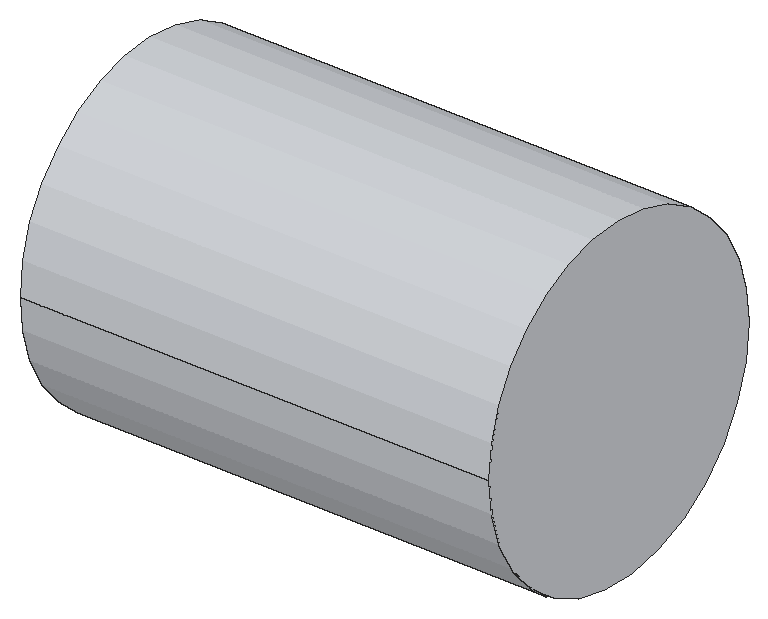
Revit family "M_Conexão de conduíte - Alumínio", category Conexões do conduite, Revit 2019
Family settings
  Cota do conector redondo = Usar raio
  Tipo de parte = União
  Número OmniClass = 23.80.30.17.11
  Título OmniClass = Conduits
  ID de item do Seek = Conduit Coupling - Aluminum-0000-CAN-ENU
  Com base no plano de trabalho = Não
  Sempre na vertical = Sim
  Corte com vazios quando carregada = Não
  Compartilhado = Não
Parameters (values of type "Padrão")
  Raio nominal [instance] = 8 mm
  Diâmetro nominal [instance] = Raio nominal * 2  # 16 mm
  Comprimento [instance] = size_lookup(Pesquisa de tamanho de conduite, "Lgt", 0.48 * Diâmetro nominal + 37.306 mm, Diâmetro nominal)  # 39.624 mm
  Raio externo da conexão [instance] = Diâmetro externo da conexão / 2  # 13.716 mm
  Diâmetro externo da conexão [instance] = size_lookup(Pesquisa de tamanho de conduite, "FOD", 1.15 * Diâmetro nominal + 11.708 mm, Diâmetro nominal)  # 27.432 mm
  Pesquisa de tamanho de conduite = "M_Conduit Coupling - Aluminum"
Reference planes
  plane 1 "Centro (Frente/Trás)": y = 0
  plane 2: z = 0
  plane 3 "Centro (Esquerda/Direita)": x = 0
  plane 4: x = 39.624
Forms (mm)
  Extrusion 1, solid, detail levels fine
    sketch origin (0, 0, 0) x (0, 1, 0) y (0, 0, 1)
      loop
        circle (0, 0) r 13.716
    from 0 to 39.624
Lines and regions (mm)
  model lines, detail levels coarse+medium
    curve 1: line (0, 0, 0) -> (39.624, 0, 0)
Dimensions and locks
  "Comprimento": plane 3 "Centro (Esquerda/Direita)" to plane 4
  "Raio externo da conexão": radius of Extrusion 1 sketch curve
  aligned and locked: plane 3 "Centro (Esquerda/Direita)" to curve 1
  aligned and locked: plane 4 to curve 1
  aligned and locked: plane 1 "Centro (Frente/Trás)" to curve 1
  aligned and locked: plane 1 "Centro (Frente/Trás)" to Extrusion 1 sketch curve
  aligned and locked: plane 2 to Extrusion 1 sketch curve
  aligned and locked: Extrusion 1 to plane 3 "Centro (Esquerda/Direita)"
  aligned and locked: plane 4 to Extrusion 1
Connectors
  cabletrayconduit at (0, 0, 0), diameter 16, driven by "Raio nominal"
    settings: on Extrusion 1, index 1, connector width 304.8 mm, connector height 304.8 mm, connector angle 0.00°, system type 32, placement type 0, profile type 0, connector reference index 2, is primary connector yes, connector utility param no, connector description ""
  cabletrayconduit at (39.624, 0, 0), diameter 16, driven by "Raio nominal"
    settings: on Extrusion 1, index 2, connector width 304.8 mm, connector height 304.8 mm, connector angle 0.00°, system type 32, placement type 0, profile type 0, connector reference index 1, is primary connector no, connector utility param no, connector description ""
